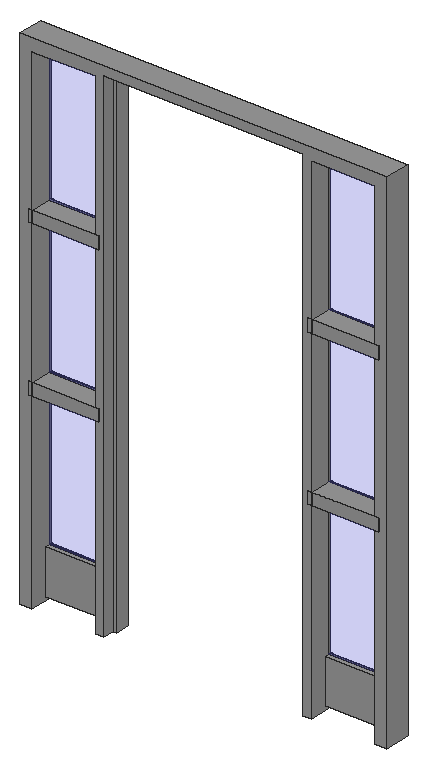
Revit family "DFSL1500 (1500x2090mm)", category Doors, host Wall, Revit 2013
Parameters (values of type "DFSL1500 (1500x2090mm)")
  Function = Interior
  Frame Projection Ext. = 25 mm
  Frame Projection Int. = 25 mm
  Frame Width = 75 mm
  Height = 2090 mm
  Wall Closure = By host
  Width = 1500 mm
Reference planes
  plane 1: y = 0
  plane 2 "Center (Left/Right)": x = 0
  plane 3 "Left": x = -750
  plane 4 "Right": x = 750
  plane 5: z = 2090
  plane 6 "Exterior": y = 75
  plane 7 "Interior": y = -75
Forms (mm)
  Extrusion 1, solid, material "Lauan, Meranti"
    sketch origin (0, 0, 0) x (1, 0, 0) y (0, 1, 0)
      loop
        line (-750, -52.5) -> (-700, -52.5) -> (-700, 31.5) -> (-715, 31.5) -> (-715, 52.5) -> (-750, 52.5) -> (-750, -52.5)
      loop
        line (750, -52.5) -> (750, 52.5) -> (715, 52.5) -> (715, 31.5) -> (700, 31.5) -> (700, -52.5) -> (750, -52.5)
      loop
        line (-406.5, -52.5) -> (-406.5, -7.5) -> (-391.5, -7.5) -> (-391.5, 52.5) -> (-426.5, 52.5) -> (-426.5, 31.5) -> (-441.5, 31.5) -> (-441.5, -52.5) -> (-406.5, -52.5)
      loop
        line (406.5, -52.5) -> (441.5, -52.5) -> (441.5, 31.5) -> (426.5, 31.5) -> (426.5, 52.5) -> (391.5, 52.5) -> (391.5, -7.5) -> (406.5, -7.5) -> (406.5, -52.5)
    from 0 to 2055
  Sweep 2, solid, material "Lauan, Meranti"
    path origin (0, 75, 0) x (1, 0, 0) y (0, 0, 1)
      loop
        line (-406.5, 2090) -> (-750, 2090)
    profile origin (-578.25, 75, 2090) x (0, 0, -1) y (0, -1, 0)
      loop
        line (0, 22.5) -> (35, 22.5) -> (35, 43.5) -> (50, 43.5) -> (50, 127.5) -> (0, 127.5) -> (0, 22.5)
  Extrusion 3, solid, material "Lauan, Meranti"
    sketch origin (0, 3.533, 0) x (0, 1, 0) y (0, 0, 1)
      loop
        line (27.967, 830) -> (-56.033, 830) -> (-56.033, 780) -> (27.967, 780) -> (27.967, 795) -> (48.967, 795) -> (48.967, 815) -> (27.967, 815) -> (27.967, 830)
      loop
        line (27.967, 1460) -> (-56.033, 1460) -> (-56.033, 1410) -> (27.967, 1410) -> (27.967, 1425) -> (48.967, 1425) -> (48.967, 1445) -> (27.967, 1445) -> (27.967, 1460)
      loop
        line (27.967, 200) -> (8.967, 200) -> (8.967, 20) -> (48.967, 20) -> (48.967, 185) -> (27.967, 185) -> (27.967, 200)
    from -715 to -426.5
  Extrusion 4, solid, material "Glass"
    sketch origin (0, 75, 0) x (1, 0, 0) y (0, 0, 1)
      loop
        line (-426.5, 795) -> (-715, 795) -> (-715, 185) -> (-426.5, 185) -> (-426.5, 795)
    from 37.5 to 43.5
  Sweep 5, solid, material "Lauan, Meranti"
    path origin (0, 75, 0) x (1, 0, 0) y (0, 0, 1)
      loop
        line (-426.5, 795) -> (-715, 795) -> (-715, 185) -> (-426.5, 185) -> (-426.5, 795)
    profile origin (-570.75, 75, 795) x (0, 0, -1) y (0, -1, 0)
      loop
        line (0, 37.5) -> (0, 24.5)
        arc (0, 24.5) -> (10.056, 28.051) -> (15, 37.5) r 14.57
        line (15, 37.5) -> (0, 37.5)
  Extrusion 6, solid, material "Glass"
    sketch origin (0, 75, 630) x (1, 0, 0) y (0, 0, 1)
      loop
        line (-426.5, 795) -> (-715, 795) -> (-715, 185) -> (-426.5, 185) -> (-426.5, 795)
    from 37.5 to 43.5
  Sweep 7, solid, material "Lauan, Meranti"
    path origin (0, 75, 630) x (1, 0, 0) y (0, 0, 1)
      loop
        line (-426.5, 795) -> (-715, 795) -> (-715, 185) -> (-426.5, 185) -> (-426.5, 795)
    profile origin (-570.75, 75, 1425) x (0, 0, -1) y (0, -1, 0)
      loop
        line (0, 37.5) -> (0, 24.5)
        arc (0, 24.5) -> (10.056, 28.051) -> (15, 37.5) r 14.57
        line (15, 37.5) -> (0, 37.5)
  Extrusion 8, solid, material "Glass"
    sketch origin (0, 75, 1260) x (1, 0, 0) y (0, 0, 1)
      loop
        line (-426.5, 795) -> (-715, 795) -> (-715, 185) -> (-426.5, 185) -> (-426.5, 795)
    from 37.5 to 43.5
  Sweep 9, solid, material "Lauan, Meranti"
    path origin (0, 75, 1260) x (1, 0, 0) y (0, 0, 1)
      loop
        line (-426.5, 795) -> (-715, 795) -> (-715, 185) -> (-426.5, 185) -> (-426.5, 795)
    profile origin (-570.75, 75, 2055) x (0, 0, -1) y (0, -1, 0)
      loop
        line (0, 37.5) -> (0, 24.5)
        arc (0, 24.5) -> (10.056, 28.051) -> (15, 37.5) r 14.57
        line (15, 37.5) -> (0, 37.5)
  Sweep 10, solid, material "Lauan, Meranti"
    path origin (-123.5, 75, 0) x (1, 0, 0) y (0, 0, 1)
      loop
        line (530, 2090) -> (-283, 2090)
    profile origin (0, 75, 2090) x (0, 0, -1) y (0, -1, 0)
      loop
        line (50, 22.5) -> (50, 82.5) -> (35, 82.5) -> (35, 127.5) -> (0, 127.5) -> (0, 22.5) -> (50, 22.5)
  Extrusion 11, solid, material "Glass"
    sketch origin (1141.5, 75, 0) x (1, 0, 0) y (0, 0, 1)
      loop
        line (-426.5, 795) -> (-715, 795) -> (-715, 185) -> (-426.5, 185) -> (-426.5, 795)
    from 37.5 to 43.5
  Sweep 12, solid, material "Lauan, Meranti"
    path origin (1141.5, 75, 0) x (1, 0, 0) y (0, 0, 1)
      loop
        line (-426.5, 795) -> (-715, 795) -> (-715, 185) -> (-426.5, 185) -> (-426.5, 795)
    profile origin (570.75, 75, 795) x (0, 0, -1) y (0, -1, 0)
      loop
        line (0, 37.5) -> (0, 24.5)
        arc (0, 24.5) -> (10.056, 28.051) -> (15, 37.5) r 14.57
        line (15, 37.5) -> (0, 37.5)
  Extrusion 13, solid, material "Glass"
    sketch origin (1141.5, 75, 630) x (1, 0, 0) y (0, 0, 1)
      loop
        line (-426.5, 795) -> (-715, 795) -> (-715, 185) -> (-426.5, 185) -> (-426.5, 795)
    from 37.5 to 43.5
  Sweep 14, solid, material "Lauan, Meranti"
    path origin (1141.5, 75, 630) x (1, 0, 0) y (0, 0, 1)
      loop
        line (-426.5, 795) -> (-715, 795) -> (-715, 185) -> (-426.5, 185) -> (-426.5, 795)
    profile origin (570.75, 75, 1425) x (0, 0, -1) y (0, -1, 0)
      loop
        line (0, 37.5) -> (0, 24.5)
        arc (0, 24.5) -> (10.056, 28.051) -> (15, 37.5) r 14.57
        line (15, 37.5) -> (0, 37.5)
  Extrusion 15, solid, material "Glass"
    sketch origin (1141.5, 75, 1260) x (1, 0, 0) y (0, 0, 1)
      loop
        line (-426.5, 795) -> (-715, 795) -> (-715, 185) -> (-426.5, 185) -> (-426.5, 795)
    from 37.5 to 43.5
  Sweep 16, solid, material "Lauan, Meranti"
    path origin (1141.5, 75, 1260) x (1, 0, 0) y (0, 0, 1)
      loop
        line (-426.5, 795) -> (-715, 795) -> (-715, 185) -> (-426.5, 185) -> (-426.5, 795)
    profile origin (570.75, 75, 2055) x (0, 0, -1) y (0, -1, 0)
      loop
        line (0, 37.5) -> (0, 24.5)
        arc (0, 24.5) -> (10.056, 28.051) -> (15, 37.5) r 14.57
        line (15, 37.5) -> (0, 37.5)
  Sweep 17, solid, material "Lauan, Meranti"
    path origin (1156.5, 75, 0) x (1, 0, 0) y (0, 0, 1)
      loop
        line (-406.5, 2090) -> (-750, 2090)
    profile origin (578.25, 75, 2090) x (0, 0, -1) y (0, -1, 0)
      loop
        line (0, 22.5) -> (35, 22.5) -> (35, 43.5) -> (50, 43.5) -> (50, 127.5) -> (0, 127.5) -> (0, 22.5)
  Extrusion 18, solid, material "Lauan, Meranti"
    sketch origin (1141.5, 3.533, 0) x (0, 1, 0) y (0, 0, 1)
      loop
        line (27.967, 830) -> (-56.033, 830) -> (-56.033, 780) -> (27.967, 780) -> (27.967, 795) -> (48.967, 795) -> (48.967, 815) -> (27.967, 815) -> (27.967, 830)
      loop
        line (27.967, 1460) -> (-56.033, 1460) -> (-56.033, 1410) -> (27.967, 1410) -> (27.967, 1425) -> (48.967, 1425) -> (48.967, 1445) -> (27.967, 1445) -> (27.967, 1460)
      loop
        line (27.967, 200) -> (8.967, 200) -> (8.967, 20) -> (48.967, 20) -> (48.967, 185) -> (27.967, 185) -> (27.967, 200)
    from -715 to -426.5
Cuts and joins
  joined: Extrusion 1, Sweep 2, Sweep 10, Sweep 17
Lines and regions (mm)
  Opening 1
    outline origin (-3050, -75, 0) x (1, 0, 0) y (0, 0, 1)
      loop
        line (2300, 0) -> (3800, 0) -> (3800, 2090) -> (2300, 2090) -> (2300, 0)
  symbolic lines, style "Elevation Swing"
    curve 1: line (-406.5, -75, 1043.792) -> (406.5, -75, 2055)
    curve 2: line (-406.5, -75, 1043.792) -> (406.5, -75, 0)
  model lines
    curve 3: line (406.5, -52.5, 0) -> (406.5, -865.5, 0)
    curve 4: arc (406.5, -865.5, 0) -> (-168.378, -627.378, 0) -> (-406.5, -52.5, 0) r 813
Text (mm)
  text "Exterior" at (-2295.016, 1099.543, 0), in view "Ref. Level"
  text "Exterior" at (0, 1615.38, 3698.081), in view "Left"
  text "Exterior" at (0, 1036.032, 3874.932), in view "Right"
Dimensions and locks
  equal spacing: plane 3 "Left", plane 2 "Center (Left/Right)", plane 4 "Right"
  "Width": plane 3 "Left" to plane 4 "Right"
  "Height": plane 5 to host wall
  host wall to plane 5 = 2090 mm  (x2)
  locked: plane 6 "Exterior" to host wall at 0
  locked: plane 7 "Interior" to host wall
  plane 3 "Left" to plane 4 "Right" = 1500 mm  (x2)
  aligned and locked: plane 3 "Left" to Opening 1 sketch curve
  aligned and locked: plane 5 to Opening 1 sketch curve  (x2)
  aligned and locked: Opening 1 sketch curve to plane 4 "Right"
  aligned and locked: Opening 1 sketch curve to level
  aligned and locked: plane 1 to host wall
Automatic sketch dimensions
  curve 2 to plane 3 "Left" = 343.5 mm
  level to curve 2 = 1043.792 mm
  curve 2 to level = 0 mm
  plane 4 "Right" to curve 2 = 343.5 mm
  plane 5 to curve 1 = 35 mm
  plane 4 "Right" to curve 1 = 343.5 mm
  Extrusion 1 sketch curve to plane 3 "Left" = 0 mm
  Extrusion 1 sketch curve to plane 4 "Right" = 0 mm
  Extrusion 1 sketch curve to host wall = 22.5 mm  (x6)
  Extrusion 1 sketch curve to plane 3 "Left" = 35 mm
  Extrusion 1 sketch curve to Extrusion 1 sketch curve = 50 mm  (x2)
  Extrusion 1 sketch curve to Extrusion 1 sketch curve = 258.5 mm
  Extrusion 1 sketch curve to Extrusion 1 sketch curve = 15 mm  (x4)
  host wall to Extrusion 1 sketch curve = 7.5 mm  (x2)
  Extrusion 1 sketch curve to Extrusion 1 sketch curve = 20 mm
  Extrusion 1 sketch curve to Extrusion 1 sketch curve = 35 mm  (x2)
  Extrusion 1 sketch curve to Extrusion 1 sketch curve = 358.5 mm
  Extrusion 1 sketch curve to host wall = 31.5 mm  (x3)
  Extrusion 1 sketch curve to Extrusion 1 sketch curve = 21 mm  (x3)
  plane 3 "Left" to Sweep 2 sketch curve = 0 mm
  Sweep 2 sketch curve to plane 5 = 0 mm
  Sweep 2 sketch curve to plane 3 "Left" = 343.5 mm
  Sweep 2 sketch curve to profile plane = 0 mm
  plane 6 "Exterior" to Sweep 2 sketch curve = 22.5 mm
  Sweep 2 sketch curve to profile plane = 35 mm
  Sweep 2 sketch curve to Sweep 2 sketch curve = 15 mm
  Sweep 2 sketch curve to Sweep 2 sketch curve = 21 mm
  Sweep 2 sketch curve to Sweep 2 sketch curve = 84 mm
  Extrusion 3 sketch curve to host wall = 22.5 mm  (x3)
  level to Extrusion 3 sketch curve = 20 mm
  Extrusion 3 sketch curve to host wall = 12.5 mm
  Extrusion 3 sketch curve to host wall = 31.5 mm  (x4)
  Extrusion 3 sketch curve to Extrusion 3 sketch curve = 19 mm
  Extrusion 3 sketch curve to Extrusion 3 sketch curve = 21 mm  (x2)
  Extrusion 3 sketch curve to Extrusion 3 sketch curve = 165 mm
  Extrusion 3 sketch curve to Extrusion 3 sketch curve = 15 mm  (x4)
  Extrusion 3 sketch curve to Extrusion 3 sketch curve = 580 mm  (x2)
  Extrusion 3 sketch curve to Extrusion 3 sketch curve = 20 mm  (x2)
  Extrusion 3 sketch curve to Extrusion 3 sketch curve = 50 mm
  Extrusion 4 sketch curve to plane 3 "Left" = 35 mm
  level to Extrusion 4 sketch curve = 185 mm
  Extrusion 4 sketch curve to Extrusion 4 sketch curve = 288.5 mm
  Extrusion 4 sketch curve to Extrusion 4 sketch curve = 610 mm
  Sweep 5 sketch curve to plane 3 "Left" = 35 mm
  level to Sweep 5 sketch curve = 185 mm
  Sweep 5 sketch curve to Sweep 5 sketch curve = 288.5 mm
  Sweep 5 sketch curve to Sweep 5 sketch curve = 610 mm
  Sweep 5 sketch curve to profile plane = 0 mm
  plane 6 "Exterior" to Sweep 5 sketch curve = 24.5 mm
  Sweep 5 sketch curve to profile plane = 15 mm
  Sweep 5 sketch curve to profile plane = 0.514 mm
  Sweep 5 sketch curve to Sweep 5 sketch curve = 13 mm
  plane 4 "Right" to curve 3 = 343.5 mm
  host wall to curve 3 = 790.5 mm
  curve 4 to host wall = 22.5 mm
  curve 3 to curve 4 = 0 mm
  Extrusion 6 sketch curve to plane 3 "Left" = 35 mm
  Extrusion 6 sketch curve to plane 3 "Left" = 323.5 mm
  level to Extrusion 6 sketch curve = 815 mm
  Extrusion 6 sketch curve to Extrusion 6 sketch curve = 610 mm
  Sweep 7 sketch curve to plane 3 "Left" = 35 mm
  Sweep 7 sketch curve to plane 3 "Left" = 323.5 mm
  level to Sweep 7 sketch curve = 815 mm
  Sweep 7 sketch curve to Sweep 7 sketch curve = 610 mm
  Sweep 7 sketch curve to profile plane = 0 mm
  plane 6 "Exterior" to Sweep 7 sketch curve = 24.5 mm
  Sweep 7 sketch curve to profile plane = 15 mm
  Sweep 7 sketch curve to profile plane = 0.514 mm
  Sweep 7 sketch curve to Sweep 7 sketch curve = 13 mm
  Extrusion 8 sketch curve to plane 3 "Left" = 35 mm
  plane 5 to Extrusion 8 sketch curve = 645 mm
  Extrusion 8 sketch curve to Extrusion 8 sketch curve = 288.5 mm
  plane 5 to Extrusion 8 sketch curve = 35 mm
  Sweep 9 sketch curve to plane 3 "Left" = 35 mm
  plane 5 to Sweep 9 sketch curve = 645 mm
  Sweep 9 sketch curve to Sweep 9 sketch curve = 288.5 mm
  plane 5 to Sweep 9 sketch curve = 35 mm
  Sweep 9 sketch curve to profile plane = 0 mm
  plane 6 "Exterior" to Sweep 9 sketch curve = 24.5 mm
  Sweep 9 sketch curve to profile plane = 15 mm
  Sweep 9 sketch curve to profile plane = 0.514 mm
  Sweep 9 sketch curve to Sweep 9 sketch curve = 13 mm
  Sweep 10 sketch curve to plane 5 = 0 mm
  Sweep 10 sketch curve to plane 3 "Left" = 343.5 mm
  plane 4 "Right" to Sweep 10 sketch curve = 343.5 mm
  Sweep 10 sketch curve to profile plane = 0 mm
  profile plane to Sweep 10 sketch curve = 22.5 mm
  Sweep 10 sketch curve to Sweep 10 sketch curve = 35 mm
  Sweep 10 sketch curve to Sweep 10 sketch curve = 50 mm
  Sweep 10 sketch curve to Sweep 10 sketch curve = 60 mm
  Sweep 10 sketch curve to Sweep 10 sketch curve = 45 mm
  plane 4 "Right" to Extrusion 11 sketch curve = 323.5 mm
  plane 4 "Right" to Extrusion 11 sketch curve = 35 mm
  level to Extrusion 11 sketch curve = 185 mm
  Extrusion 11 sketch curve to Extrusion 11 sketch curve = 610 mm
  plane 4 "Right" to Sweep 12 sketch curve = 323.5 mm
  plane 4 "Right" to Sweep 12 sketch curve = 35 mm
  level to Sweep 12 sketch curve = 185 mm
  Sweep 12 sketch curve to Sweep 12 sketch curve = 610 mm
  Sweep 12 sketch curve to profile plane = 0 mm
  plane 6 "Exterior" to Sweep 12 sketch curve = 24.5 mm
  Sweep 12 sketch curve to profile plane = 15 mm
  Sweep 12 sketch curve to profile plane = 0.514 mm
  Sweep 12 sketch curve to Sweep 12 sketch curve = 13 mm
  plane 4 "Right" to Extrusion 13 sketch curve = 323.5 mm
  plane 4 "Right" to Extrusion 13 sketch curve = 35 mm
  level to Extrusion 13 sketch curve = 815 mm
  Extrusion 13 sketch curve to Extrusion 13 sketch curve = 610 mm
  plane 4 "Right" to Sweep 14 sketch curve = 323.5 mm
  plane 4 "Right" to Sweep 14 sketch curve = 35 mm
  level to Sweep 14 sketch curve = 815 mm
  Sweep 14 sketch curve to Sweep 14 sketch curve = 610 mm
  Sweep 14 sketch curve to profile plane = 0 mm
  plane 6 "Exterior" to Sweep 14 sketch curve = 24.5 mm
  Sweep 14 sketch curve to profile plane = 15 mm
  Sweep 14 sketch curve to profile plane = 0.514 mm
  Sweep 14 sketch curve to Sweep 14 sketch curve = 13 mm
  plane 5 to Extrusion 15 sketch curve = 35 mm
  plane 4 "Right" to Extrusion 15 sketch curve = 323.5 mm
  plane 4 "Right" to Extrusion 15 sketch curve = 35 mm
  plane 5 to Extrusion 15 sketch curve = 645 mm
  plane 5 to Sweep 16 sketch curve = 35 mm
  plane 4 "Right" to Sweep 16 sketch curve = 323.5 mm
  plane 4 "Right" to Sweep 16 sketch curve = 35 mm
  plane 5 to Sweep 16 sketch curve = 645 mm
  Sweep 16 sketch curve to profile plane = 0 mm
  plane 6 "Exterior" to Sweep 16 sketch curve = 24.5 mm
  Sweep 16 sketch curve to profile plane = 15 mm
  Sweep 16 sketch curve to profile plane = 0.514 mm
  Sweep 16 sketch curve to Sweep 16 sketch curve = 13 mm
  Sweep 17 sketch curve to plane 5 = 0 mm
  plane 4 "Right" to Sweep 17 sketch curve = 0 mm
  Sweep 17 sketch curve to Sweep 17 sketch curve = 343.5 mm
  Sweep 17 sketch curve to profile plane = 0 mm
  plane 6 "Exterior" to Sweep 17 sketch curve = 22.5 mm
  Sweep 17 sketch curve to profile plane = 35 mm
  Sweep 17 sketch curve to Sweep 17 sketch curve = 15 mm
  Sweep 17 sketch curve to Sweep 17 sketch curve = 21 mm
  Sweep 17 sketch curve to Sweep 17 sketch curve = 84 mm
  Extrusion 18 sketch curve to host wall = 22.5 mm  (x3)
  level to Extrusion 18 sketch curve = 20 mm
  Extrusion 18 sketch curve to host wall = 12.5 mm
  Extrusion 18 sketch curve to host wall = 31.5 mm  (x4)
  Extrusion 18 sketch curve to Extrusion 18 sketch curve = 19 mm
  Extrusion 18 sketch curve to Extrusion 18 sketch curve = 21 mm  (x2)
  Extrusion 18 sketch curve to Extrusion 18 sketch curve = 165 mm
  Extrusion 18 sketch curve to Extrusion 18 sketch curve = 15 mm  (x4)
  Extrusion 18 sketch curve to Extrusion 18 sketch curve = 580 mm  (x2)
  Extrusion 18 sketch curve to Extrusion 18 sketch curve = 20 mm  (x2)
  Extrusion 18 sketch curve to Extrusion 18 sketch curve = 50 mm
